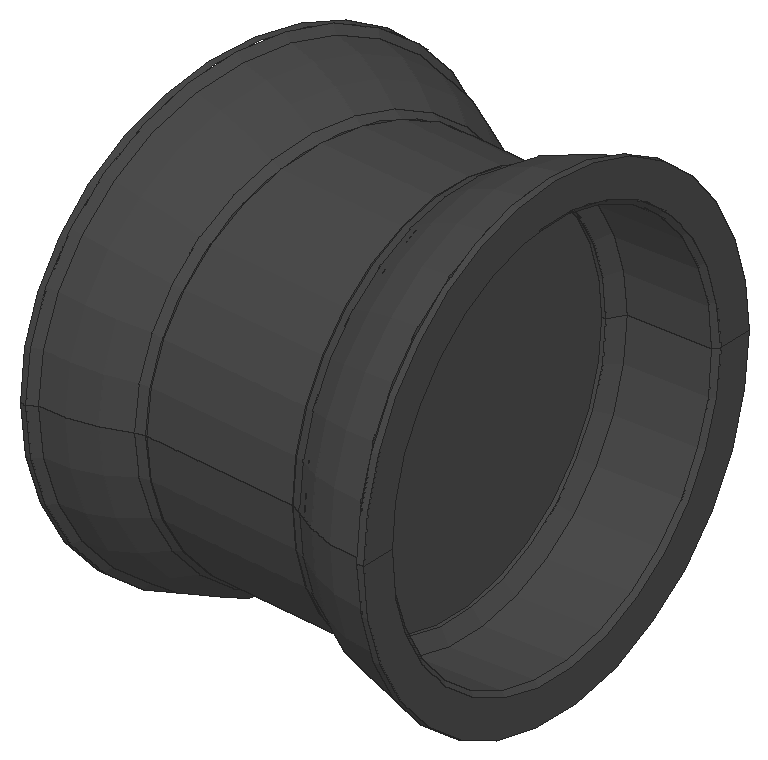
Revit family "FoFo_BB_Curva11", category Pipe Fittings, Revit 2025
Family settings
  Round Connector Dimension = Use Radius
  Part Type = Elbow
  OmniClass Number = 23.60.30.11.14
  OmniClass Title = Pipework Fittings
  Work Plane-Based = Yes
  Always vertical = No
  Cut with Voids When Loaded = No
  Shared = Yes
Parameters (values of type "C11JGS_0400")
  Material_Conexao = FOFO
  Manufacturer = "SGC"
  Loss Method = K Coefficient from Table
  K Coefficient Table = "Tee"
  Junta_1_Tipo = FoFo_BO_Junta : JGS_0400
  Description = "Curva 11"
  Default Elevation = 0.0 mm
  DN = "400"
  Corpo_R = Corpo_L / tan(5.6250°)  # 659.956 mm
  Corpo_L = 65.0 mm
  Corpo_RE1 = 0.5 * Corpo_DE  # 214.5 mm
  Corpo_DE = 429.0 mm
Reference planes
  plane 1 "EixoP": y = 205.208
  plane 2: z = 0
  plane 3 "EixoS": x = 434.476
  plane 4: y = 865.164
  plane 5: x = 499.476
Forms (mm)
  Sweep 1, solid, material "FOFO" <- "Material_Conexao"
    path origin (0, 0, 0) x (1, 0, 0) y (0, 1, 0)
      loop
        arc (499.476, 205.208) -> (434.789, 208.386) -> (370.725, 217.889) r 659.956
    profile origin (434.789, 208.386, 0) x (-0.098017, -0.995185, 0) y (0, 0, 1)
      loop
        circle (0, 0) r 214.5
Lines and regions (mm)
  model lines, style "PipeFittingCenterLine"
    curve 1: line (398.49, 413.44, -189) -> (398.49, 413.44, 189)
    curve 4: line (370.725, 217.889, 0) -> (434.476, 205.208, 0)
    curve 5: line (434.476, 205.208, 0) -> (499.476, 205.208, 0)
  reference lines
    curve 2: line (434.476, 205.208, 0) -> (370.725, 217.889, 0)
    curve 3: line (434.476, 205.208, 0) -> (499.476, 205.208, 0)
Dimensions and locks
  "Corpo_L": plane 5 to plane 3 "EixoS"
  "Corpo_R": plane 4 to plane 1 "EixoP"
  "Corpo_L": curve 2 to curve 2
  "Corpo_L": curve 3 to curve 3
  "Corpo_DE": diameter of Sweep 1 sketch curve
  locked: plane 5 to plane 1 "EixoP" (angle 90.0000°)
  locked: Sweep 1 sketch curve to Sweep 1 sketch curve (angle 11.2500°)
  locked: plane 1 "EixoP" to curve 2 (angle 168.7500°)
  aligned and locked: plane 5 to Sweep 1 sketch curve
  aligned and locked: plane 3 "EixoS" to curve 3
  aligned and locked: curve 3 to plane 1 "EixoP"
  aligned and locked: Sweep 1 to curve 2
  aligned and locked: Sweep 1 to curve 4
  aligned and locked: curve 4 to curve 2
  aligned and locked: curve 5 to plane 1 "EixoP"
  aligned and locked: nested 1 to Sweep 1
  aligned and locked: nested 2 to Sweep 1
Automatic sketch dimensions
  curve 1 to level = 189.0 mm
  level to curve 1 = 189.0 mm
  plane 1 "EixoP" to Sweep 1 sketch curve = 0.0 mm
  Sweep 1 sketch curve to plane 4 = 0.0 mm
  plane 1 "EixoP" to curve 3 = 0.0 mm
  level to Sweep 1 sketch curve = 0.0 mm
  Sweep 1 sketch curve to profile plane = 0.0 mm
  curve 5 to plane 5 = 0.0 mm
Nested families
  nested 1: "FoFo_BO_Junta" at (2938.666, -292.906, 0) x (-0.9808, 0.1951, 0) z (0, 0, 1), type <- "Junta_1_Tipo", type "JGS_0400"
  nested 2: "FoFo_BO_Junta" at (-2118.774, 205.208, 0), type <- "Junta_1_Tipo", type "JGS_0400"
Connectors
  piping at (499.476, 205.208, 0), diameter 429, driven by "Corpo_RE1"
    settings: on Sweep 1, index 1, connector inside diameter 24", connector length 0.0 mm, flow factor 0, pipe flow 0 GPM, pressure drop 0.00 psi, fitting loss kfactor 0, connector angle 0.0000°, fixture units 0, engagement length 0.0 mm, angle of deflection 0.0000°, flow configuration 0, flow direction 0, fitting loss method 0, system type 7, joint type 0, gender type 0, connector reference index -1, connector utility 0, adjustable connector no, is connector primary yes, connector description ""
  piping at (370.725, 217.889, 0), diameter 429, driven by "Corpo_RE1"
    settings: on Sweep 1, index 2, connector inside diameter 24", connector length 0.0 mm, flow factor 0, pipe flow 0 GPM, pressure drop 0.00 psi, fitting loss kfactor 0, connector angle 0.0000°, fixture units 0, engagement length 0.0 mm, angle of deflection 0.0000°, flow configuration 0, flow direction 0, fitting loss method 0, system type 7, joint type 0, gender type 0, connector reference index -1, connector utility 0, adjustable connector no, is connector primary no, connector description ""
Definition of nested family "FoFo_BO_Junta"
  Parameters (values of type "JGS_0400")
    Manufacturer = "SGC"
    Loss Method = 1
    K Coefficient Table = "Tee"
    Description = "Bolsas JGS - JTI - JTE"
    Default Elevation = 0.0 mm
    DN = "400"
    Bolsa_RL = 0.5 * Bolsa_DL  # 200.0 mm
    Material_Conexao = none
    Bolsa_DL = 400.0 mm
    Bolsa_Borde3 = Bolsa_Borde1 * 1.1  # 7.7 mm
    Bolsa_Borde1 = 7.0 mm
    Bolsa_RI = 0.5 * Bolsa_DI  # 216.0 mm
    Bolsa_RE = 0.5 * Bolsa_DE  # 214.5 mm
    Bolsa_RB = 0.5 * Bolsa_DB  # 258.5 mm
    Bolsa_Borde2 = Bolsa_Borde1 * 2  # 14.0 mm
    Bolsa_P = 112.0 mm
    Bolsa_E2 = 0.5 * Bolsa_E  # 3.0 mm
    Bolsa_E = 6.0 mm
    Bolsa_DI = 432.0 mm
    Bolsa_DE = 429.0 mm
    Bolsa_DB = 517.0 mm
  Types (16, lengths in mm): name | DN | Bolsa_RL | Bolsa_DL | Bolsa_RI | Bolsa_RE | Bolsa_RB | Bolsa_P | Bolsa_DI | Bolsa_DE | Bolsa_DB
    JGS_1200 | "1200" | 600.0 | 1200.0 | 629.0 | 627.5 | 706.0 | 167.0 | 1258.0 | 1255.0 | 1412.0
    JGS_1000 | "1000" | 500.0 | 1000.0 | 525.5 | 524.0 | 595.5 | 157.0 | 1051.0 | 1048.0 | 1191.0
    JGS_0900 | "900" | 450.0 | 900.0 | 474.0 | 472.5 | 541.0 | 147.0 | 948.0 | 945.0 | 1082.0
    JGS_0800 | "800" | 400.0 | 800.0 | 422.5 | 421.0 | 487.0 | 147.0 | 845.0 | 842.0 | 974.0
    JGS_0700 | "700" | 350.0 | 700.0 | 370.5 | 369.0 | 431.5 | 147.0 | 741.0 | 738.0 | 863.0
    JGS_0600 | "600" | 300.0 | 600.0 | 319.0 | 317.5 | 369.5 | 122.0 | 638.0 | 635.0 | 739.0
    JGS_0500 | "500" | 250.0 | 500.0 | 267.5 | 266.0 | 315.0 | 117.0 | 535.0 | 532.0 | 630.0
    JGS_0450 | "450" | 225.0 | 450.0 | 241.5 | 240.0 | 287.5 | 115.0 | 483.0 | 480.0 | 575.0
    JGS_0400 | "400" | 200.0 | 400.0 | 216.0 | 214.5 | 258.5 | 112.0 | 432.0 | 429.0 | 517.0
    JGS_0350 | "350" | 175.0 | 350.0 | 190.5 | 189.0 | 232.5 | 110.0 | 381.0 | 378.0 | 465.0
    JGS_0300 | "300" | 150.0 | 300.0 | 164.5 | 163.0 | 205.0 | 107.0 | 329.0 | 326.0 | 410.0
    JGS_0250 | "250" | 125.0 | 250.0 | 138.5 | 137.0 | 176.5 | 105.0 | 277.0 | 274.0 | 353.0
    JGS_0200 | "200" | 100.0 | 200.0 | 112.5 | 111.0 | 148.0 | 106.0 | 225.0 | 222.0 | 296.0
    JGS_0150 | "150" | 75.0 | 150.0 | 86.5 | 85.0 | 121.5 | 100.0 | 173.0 | 170.0 | 243.0
    JGS_0100 | "100" | 50.0 | 100.0 | 60.5 | 59.0 | 94.5 | 94.0 | 121.0 | 118.0 | 189.0
    JGS_0080 | "80" | 40.0 | 80.0 | 50.5 | 49.0 | 84.0 | 92.0 | 101.0 | 98.0 | 168.0
  Reference planes
    plane 1 "EixoP": y = 0
    plane 2: z = 0
    plane 3 "EixoS": x = 2618.25
    plane 4: x = 2730.25
    plane 5: y = 258.5
    plane 6: y = 216
    plane 7: y = 214.5
    plane 8: y = 200
  Forms (mm)
    Revolve 1, solid, material <- "Material_Conexao"
      sketch origin (-3000, 0, 0) x (1, 0, 0) y (0, 1, 0)
        loop
          arc (5716.25, 250.8) -> (5670.117, 241.457) -> (5628.857, 218.804) r 156.302
          line (5628.857, 218.804) -> (5618.25, 214.5) -> (5618.25, 200.5) -> (5623.25, 200.5) -> (5633.25, 216) -> (5725.25, 216) -> (5730.25, 221) -> (5730.25, 258.5) -> (5723.25, 258.5) -> (5716.25, 250.8)
        axis (5618.25, 0) -> (5730.25, 0)
      angle from 0 to 360
  Lines and regions (mm)
    model lines
      curve 1: line (2731.572, 0, 0) -> (2618.25, 0, 0)
      curve 2: line (2618.25, 0, 200.5) -> (2618.25, 0, -200.5)
  Dimensions and locks
    "Bolsa_Borde1": Revolve 1 sketch curve to Revolve 1 sketch curve
    "Bolsa_Borde2": Revolve 1 sketch curve to Revolve 1 sketch curve
    "Bolsa_Borde3": Revolve 1 sketch curve to Revolve 1 sketch curve
    "Bolsa_P": plane 3 "EixoS" to Revolve 1 sketch curve
    "Bolsa_P": plane 4 to plane 3 "EixoS"
    "Bolsa_RB": plane 5 to plane 1 "EixoP"
    "Bolsa_RI": plane 6 to plane 1 "EixoP"
    "Bolsa_RE": plane 7 to plane 1 "EixoP"
    "Bolsa_RL": plane 8 to plane 1 "EixoP"
    aligned and locked: Revolve 1 sketch curve to plane 1 "EixoP"
    aligned and locked: Revolve 1 sketch curve to plane 5
    aligned and locked: plane 6 to Revolve 1 sketch curve
    aligned and locked: curve 1 to plane 1 "EixoP"
    aligned and locked: curve 2 to plane 1 "EixoP"
  Automatic sketch dimensions
    curve 1 to plane 3 "EixoS" = 0.0 mm
    plane 4 to curve 1 = 1.322 mm
    curve 2 to level = 200.5 mm
    level to curve 2 = 200.5 mm
    Revolve 1 sketch curve to plane 3 "EixoS" = 0.0 mm  (x2)
    Revolve 1 sketch curve to plane 7 = 0.0 mm
    plane 8 to Revolve 1 sketch curve = 0.5 mm
    plane 3 "EixoS" to Revolve 1 sketch curve = 5.0 mm
    plane 6 to Revolve 1 sketch curve = 2.804 mm
    plane 3 "EixoS" to Revolve 1 sketch curve = 10.607 mm
    Revolve 1 sketch curve to Revolve 1 sketch curve = 4.393 mm
    Revolve 1 sketch curve to plane 4 = 6.397 mm
    Revolve 1 sketch curve to plane 4 = 5.0 mm
    plane 6 to Revolve 1 sketch curve = 5.0 mm
    plane 4 to Revolve 1 sketch curve = 9.153 mm
Types in the file's own list only (15): name | Junta_1_Tipo | DN | Corpo_R | Corpo_L | Corpo_RE1 | Corpo_DE
  C11JGS_0080 | FoFo_BO_Junta : JGS_0080 | "80" | 304.6 mm | 30.0 mm | 49.0 mm | 98.0 mm
  C11JGS_0100 | FoFo_BO_Junta : JGS_0100 | "100" | 304.6 mm | 30.0 mm | 59.0 mm | 118.0 mm
  C11JGS_0150 | FoFo_BO_Junta : JGS_0150 | "150" | 355.4 mm | 35.0 mm | 85.0 mm | 170.0 mm
  C11JGS_0200 | FoFo_BO_Junta : JGS_0200 | "200" | 406.1 mm | 40.0 mm | 111.0 mm | 222.0 mm
  C11JGS_0250 | FoFo_BO_Junta : JGS_0250 | "250" | 507.7 mm | 50.0 mm | 137.0 mm | 274.0 mm
  C11JGS_0300 | FoFo_BO_Junta : JGS_0300 | "300" | 558.4 mm | 55.0 mm | 163.0 mm | 326.0 mm
  C11JGS_0350 | FoFo_BO_Junta : JGS_0350 | "350" | 609.2 mm | 60.0 mm | 189.0 mm | 378.0 mm
  C11JGS_0450 | FoFo_BO_Junta : JGS_0450 | "450" | 710.7 mm | 70.0 mm | 240.0 mm | 480.0 mm
  C11JGS_0500 | FoFo_BO_Junta : JGS_0500 | "500" | 761.5 mm | 75.0 mm | 266.0 mm | 532.0 mm
  C11JGS_0600 | FoFo_BO_Junta : JGS_0600 | "600" | 863.0 mm | 85.0 mm | 317.5 mm | 635.0 mm
  C11JGS_0700 | FoFo_BO_Junta : JGS_0700 | "350" | 964.6 mm | 95.0 mm | 369.0 mm | 738.0 mm
  C11JGS_0800 | FoFo_BO_Junta : JGS_0800 | "400" | 1116.8 mm | 110.0 mm | 421.0 mm | 842.0 mm
  C11JGS_0900 | FoFo_BO_Junta : JGS_0900 | "450" | 1218.4 mm | 120.0 mm | 472.5 mm | 945.0 mm
  C11JGS_1000 | FoFo_BO_Junta : JGS_1000 | "500" | 1319.9 mm | 130.0 mm | 524.0 mm | 1048.0 mm
  C11JGS_1200 | FoFo_BO_Junta : JGS_1200 | "600" | 1523.0 mm | 150.0 mm | 627.5 mm | 1255.0 mm
